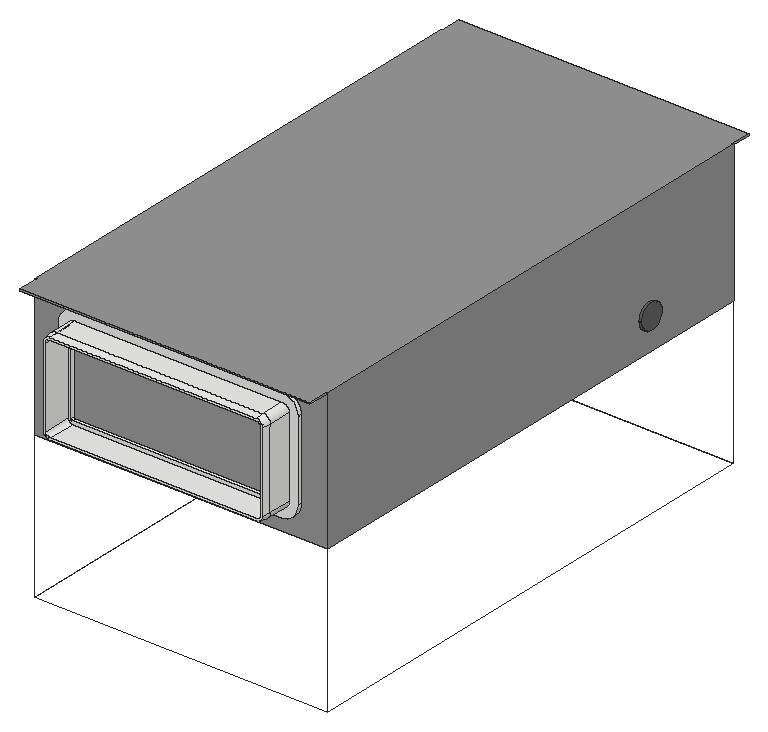
Revit family "Nuaire_IfcFanType_Iaq-Purge2", category Mechanical Equipment, Revit 2018
Family settings
  Round Connector Dimension = Use Radius
  Part Type = Normal
  OmniClass Number = 23.75.00.00
  OmniClass Title = Climate Control (HVAC)
  Work Plane-Based = No
  Always vertical = Yes
  Cut with Voids When Loaded = No
  Shared = No
  Room Calculation Point = No
Parameters
  Width = 299.00 mm
  Weight = 7.00 kg
  Weekly = "SFG20 20-03"
  Voltage = 230.00 V
  Type Comments = "1"
  Spigot Width = 220.00 mm
  Spigot Height = 90.00 mm
  Specific Fan Power at Design Duty [instance] = "0.0"
  Set Point Concentration = ""
  Revit Family Last Revised = "2024-05-29T15:45:00"
  Responsible Sourcing of Materials = "FSC"
  Responsible Extraction of Materials = "n/a"
  Reference Standard = "ISO9001:2015"
  Quote Reference [instance] = ""
  Quarterly = "SFG20 20-03"
  Project Reference [instance] = ""
  Product Range = "MEV"
  Product Literature = "https://www.nuaire.co.uk/documentstore/catalogue/IAQ-PURGE%20Brochure.pdf"
  Pressure Drop [instance] = 0 Pa
  Power Source = "Mains"
  Order Reference [instance] = ""
  Operation and Maintenance Manual = "https://www.nuaire.co.uk/documentstore/IandM/671874.pdf"
  OmniClass Title = "Centrifugal Fans"
  OmniClass Number = "23-33 31 19 13"
  Number of Connection Poles = 2
  Monthly = "SFG20 20-03"
  Material Ingredient Reporting = "n/a"
  Maintenance Required 8001 to 12000hrs = "https://www.nuaire.co.uk/documentstore/IandM/671874.pdf"
  Maintenance Required 601 to 1000hrs = "https://www.nuaire.co.uk/documentstore/IandM/671874.pdf"
  Maintenance Required 4001 to 8000hrs = "https://www.nuaire.co.uk/documentstore/IandM/671874.pdf"
  Maintenance Required 301 to 600hrs = "https://www.nuaire.co.uk/documentstore/IandM/671874.pdf"
  Maintenance Required 2001 to 4000hrs = "https://www.nuaire.co.uk/documentstore/IandM/671874.pdf"
  Maintenance Required 1001 to 2000hrs = "https://www.nuaire.co.uk/documentstore/IandM/671874.pdf"
  Maintenance Required 0 to 300hrs = "https://www.nuaire.co.uk/documentstore/IandM/671874.pdf"
  Location of Manufacturer = "51.571856, -3.232638"
  Location Reference [instance] = ""
  Life Cycle Analysis = 0
  Length = 560.00 mm
  IFCExportType = "CENTRIFUGALBACKWARDINCLINEDCURVED"
  IFCExportAs = "IfcFanType"
  I&M Manual = "https://www.nuaire.co.uk/documentstore/IandM/671874.pdf"
  Height = 149.00 mm
  Green Guide for Specification = "n/a"
  Full Load Current = 0.85 A
  Fire Control Panel Links = no
  Features = "n/a"
  Extract Flow [instance] = 0 L/s
  Expected Life = "n/a"
  Environmental Product Declaration = "WEEE, RoHS"
  Energy Technology List = "n/a"
  Enclosure Rating = "Not rated"
  Embodied Carbon = "n/a"
  Electrical Phase = 1
  Daily = "SFG20 20-03"
  Coverage Area = 0.00 m²
  Classification.Uniclass.Pr.Number = "Pr_65_67_29_12"
  Classification.Uniclass.Pr.Description = "Centrifugal fans"
  Catalogue Pages = "https://www.nuaire.co.uk/documentstore/catalogue/IAQ-PURGE%20Brochure.pdf"
  COBie.Type.WarrantyGuarantorParts = Manufacturer  # "Nuaire"
  COBie.Type.WarrantyGuarantorLabor = Manufacturer  # "Nuaire"
  COBie.Type.WarrantyDurationUnit = "Year"
  COBie.Type.WarrantyDurationParts = "2"
  COBie.Type.WarrantyDurationLabor = "2"
  COBie.Type.WarrantyDescription = Warranty Period  # "2 years parts and labour"
  COBie.Type.SustainabilityPerformance = ""
  COBie.Type.Size = ""
  COBie.Type.Shape = ""
  COBie.Type.ReplacementCost = 0
  COBie.Type.NominalWidth = Width  # 299.00 mm
  COBie.Type.NominalLength = Length  # 560.00 mm
  COBie.Type.NominalHeight = Height  # 149.00 mm
  COBie.Type.Name = Model  # "IAQ-PURGE"
  COBie.Type.ModelReference = Model  # "IAQ-PURGE"
  COBie.Type.ModelNumber = Model  # "IAQ-PURGE"
  COBie.Type.Material = ""
  COBie.Type.Manufacturer = Manufacturer  # "Nuaire"
  COBie.Type.Length = Length  # 560.00 mm
  COBie.Type.Grade = ""
  COBie.Type.Finish = ""
  COBie.Type.Features = ""
  COBie.Type.ExternalIdentifier = ""
  COBie.Type.ExpectedLife = ""
  COBie.Type.DurationUnit = "Year"
  COBie.Type.Description = Description  # "Inline Purge Fan"
  COBie.Type.CreatedOn = Revit Family Last Revised  # "2024-05-29T15:45:00"
  COBie.Type.CreatedBy = Model Drawn by  # "Michael Grote"
  COBie.Type.Constituents = ""
  COBie.Type.Color = ""
  COBie.Type.CodePerformance = ""
  COBie.Type.Category = "Pr_65_67_29_12 : Centrifugal fans"
  COBie.Type.AssetType = ""
  COBie.Type.Area = 0.00 m²
  COBie.Type.AccessibilityPerformance = ""
  COBie.Type = yes
  COBie.ExternalIdentifier [instance] = ""
  COBie.CreatedOn [instance] = Revit Family Last Revised  # "2024-05-29T15:45:00"
  COBie.CreatedBy [instance] = Model Drawn by  # "Michael Grote"
  COBie.Component.WarrantyStartDate [instance] = "Date of Delivery"
  COBie.Component.TagNumber [instance] = ""
  COBie.Component.Space [instance] = ""
  COBie.Component.SerialNumber [instance] = ""
  COBie.Component.Name [instance] = Model  # "IAQ-PURGE"
  COBie.Component.Length [instance] = Length  # 560.00 mm
  COBie.Component.InstallationDate [instance] = ""
  COBie.Component.Description [instance] = Description  # "Inline Purge Fan"
  COBie.Component.BarCode [instance] = ""
  COBie.Component.AssetIdentifier [instance] = ""
  COBie.Component.Area [instance] = 0.00 m²
  COBie [instance] = yes
  CE Approval = "Yes"
  Bespoke Timeframe = "SFG20 20-03"
  Battery Type = "n/a"
  Battery Supply = no
  BMS Links = no
  Apparent Load = Full Load Current * Voltage  # 195.50 VA
  Show Access Clearance [instance] = yes
  Model Drawn by = "Michael Grote"  # constant formula
  Maximum Ambient Temperature = 50 °C
  URL = "http://www.nuaire.co.uk"
  Warranty Period = "2 years parts and labour"
  Weatherproof or Internal Only = "Internal"
  Manufacturer = "Nuaire"
  Description = "Inline Purge Fan"
  Annually = "SFG20 20-03"
  Address = "Western Industrial Estate, Caerphilly, UK"  # constant formula
  Postcode = "CF83 1NA"  # constant formula
  Telephone Number = "+44(0)2920-858-200"  # constant formula
  Fax Number = "+44(0)2920-858-222"  # constant formula
  Email Address = "bim@nuaire.co.uk"  # constant formula
  VAT Registration Number = "877308"  # constant formula
  Model = "IAQ-PURGE"
  6 Monthly = "SFG20 20-03"
Reference planes
  plane 1 "Center (Front/Back)": y = 0
  plane 2: z = 0
  plane 3 "Center (Left/Right)": x = 0
  plane 4: z = -70
  plane 5: x = 149.5
  plane 6: x = -149.5
  plane 7: z = -108.1
  plane 8: y = 150
Forms (mm)
  Extrusion 1, solid, material "Steel, Galvanized"
    sketch origin (0, 0, 0) x (1, 0, 0) y (0, 1, 0)
      loop
        line (-149.5, 259.325) -> (-149.5, -259.325) -> (149.5, -259.325) -> (149.5, 259.325) -> (-149.5, 259.325)
    from -142.8 to 0
  Extrusion 2, solid, material "Steel, Galvanized"
    sketch origin (0, 0, 0) x (0, 1, 0) y (0, 0, 1)
      loop
        line (-279.975, 0) -> (-279.975, -1.7) -> (-259.325, -1.7) -> (-259.325, 0) -> (-279.975, 0)
      loop
        line (279.975, 0) -> (259.325, 0) -> (259.325, -1.7) -> (279.975, -1.7) -> (279.975, 0)
    from -147.75 to 147.75
  Extrusion 3, solid, material "Steel, Galvanized", detail levels medium+fine
    sketch origin (0, 0, 0) x (1, 0, 0) y (0, 1, 0)
      loop
        line (110, 255.267) -> (-110, 255.267) -> (-110, 124.583) -> (110, 124.583) -> (110, 255.267)
      loop
        arc (-105, 115) -> (-112.071, 112.071) -> (-115, 105) r 10
        line (-115, 105) -> (-115, -105)
        arc (-115, -105) -> (-112.071, -112.071) -> (-105, -115) r 10
        line (-105, -115) -> (105, -115)
        arc (105, -115) -> (112.071, -112.071) -> (115, -105) r 10
        line (115, -105) -> (115, 105)
        arc (115, 105) -> (112.071, 112.071) -> (105, 115) r 10
        line (105, 115) -> (-105, 115)
    from -145.8 to -142.8
  Extrusion 4, solid, material "Access Clearance", visible <- "Show Access Clearance"
    sketch origin (0, 0, 0) x (1, 0, 0) y (0, 1, 0)
      loop
        line (-149.5, 259.325) -> (-149.5, -259.325) -> (149.5, -259.325) -> (149.5, 259.325) -> (-149.5, 259.325)
    from -292 to -142.8
  Extrusion 5, solid, material "Black Plastic"
    sketch origin (0, 0, 0) x (0, 1, 0) y (0, 0, -1)
      loop
        circle (150, 108.1) r 12.7
    from -153.267 to -149.5
Cuts and joins
  joined: Extrusion 1, Extrusion 2
Dimensions and locks
  aligned and locked: level to plane 2
Nested families
  nested 1: "spigot_220x90_db" at (0, -259.325, -70) x (-1, 0, 0) z (0, -1, 0), type "spigot_220x90_db"
  nested 2: "spigot_220x90_db" at (0, 259.325, -70) x (1, 0, 0) z (0, 1, 0), type "spigot_220x90_db"
Connectors
  hvac at (0, -266.325, -70), driven by "Spigot Height", driven by "Spigot Width", driven by "Extract Flow"
    settings: on nested 1, index 1, duct flow 0 L/s, flow factor 0, pres drop 0 Pa, loss coef 0, conn angle 0.00°, conn width 220 mm, conn height 90 mm, conn diameter 609.6 mm, duct sys type 3, conn prof type 1, flow config 1, flow direction 2, loss method 0, conn ref index -1, conn util no, is conn primary yes, conn desc "Discharge"
  hvac at (0, 266.325, -70), driven by "Spigot Height", driven by "Spigot Width", driven by "Extract Flow"
    settings: on nested 2, index 2, duct flow 0 L/s, flow factor 0, pres drop 0 Pa, loss coef 0, conn angle 0.00°, conn width 220 mm, conn height 90 mm, conn diameter 609.6 mm, duct sys type 3, conn prof type 1, flow config 0, flow direction 1, loss method 0, conn ref index -1, conn util no, is conn primary no, conn desc "Intake"
  electrical at (153.267, 150, -108.1), driven by "Voltage", driven by "Apparent Load"
    settings: on Extrusion 5, index 3, voltage 230.00 V, apparent load 195.50 VA, apparent load phase1 0.00 VA, apparent load phase2 0.00 VA, apparent load phase3 0.00 VA, power factor 1, load classification "Other", number of poles 1, system type 30, power factor state 1, is connector primary yes, connector utility no, sub classification motor no, connector description "Power Supply"
Definition of nested family "spigot_220x90_db"
  Parameters (values of type "spigot_220x90_db")
    Default Elevation = 1219.20 mm
  Reference planes
    plane 1 "Center (Front/Back)": y = 0
    plane 2: z = 0
    plane 3 "Center (Left/Right)": x = 0
  Forms (mm)
    Extrusion 1, solid
      sketch origin (0, 0, 0) x (1, 0, 0) y (0, 1, 0)
        loop
          line (-1219.2, 1219.2) -> (-1219.2, -1219.2) -> (1219.2, -1219.2) -> (1219.2, 1219.2) -> (-1219.2, 1219.2)
      from 0 to -304.8
    Sweep 2, solid, detail levels medium+fine
      path origin (0, 0, 0) x (1, 0, 0) y (0, 1, 0)
        loop
          arc (-105.5, 57.5) -> (-117.521, 52.521) -> (-122.5, 40.5) r 17
          line (-122.5, 40.5) -> (-122.5, -40.5)
          arc (-122.5, -40.5) -> (-117.521, -52.521) -> (-105.5, -57.5) r 17
          line (-105.5, -57.5) -> (105.5, -57.5)
          arc (105.5, -57.5) -> (117.521, -52.521) -> (122.5, -40.5) r 17
          line (122.5, -40.5) -> (122.5, 40.5)
          arc (122.5, 40.5) -> (117.521, 52.521) -> (105.5, 57.5) r 17
          line (105.5, 57.5) -> (-105.5, 57.5)
      profile origin (0, 57.5, 0) x (0, 1, 0) y (0, 0, 1)
        loop
          line (-9.5, 27.5) -> (-10.624, 35.5) -> (-12.5, 35.5) -> (-12.5, 7) -> (-15.65, 7) -> (-15.65, 3.5) -> (-12.5, 3.5) -> (-12.5, 0) -> (0, 0) -> (0, 3.5) -> (-9.5, 3.5) -> (-9.5, 27.5)
    Extrusion 3, solid, detail levels coarse
      sketch origin (0, 0, 0) x (1, 0, 0) y (0, 1, 0)
        loop
          line (-113, 48) -> (-113, -48) -> (113, -48) -> (113, 48) -> (-113, 48)
      from 0 to 35.5
  Dimensions and locks
    aligned and locked: plane 2 to Extrusion 1
    aligned and locked: level to Extrusion 1
